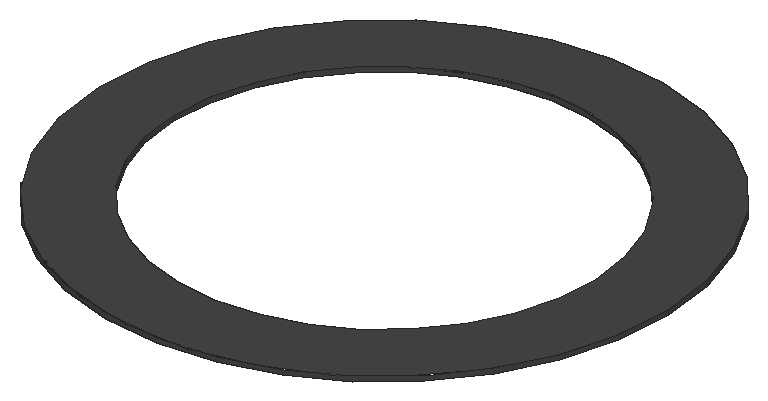
Revit family "LAMP_ARO DECO", category Modelos genéricos, Revit 2015
Parameters (values of type "BLACK")
  Weight = 0.10 kg
  Product datasheet = "https://www.lamp.es/product-files/TECH/DITRRD240B-EN.pdf"
  Product code = "RIRD240B"
  Product URL = "https://www.lamp.es/en/accessory/domo-220-kombic-acc-transp-glass-bk_423644"
  Modelo = Product code  # "RIRD240B"
  Model explanation = "Availability of switching between accessories through visibility parameters when placed in a project."
  Material Aro = LAMP_PC Kombic Aro ng
  Manufacturer name = "LAMP"
  Manufacturer country = "Spain"
  Manufacturer URL = "http://www.lamp.es/en"
  Luminaire type = "Accessory"
  Last update = "22/05/2020"
  Installation instructions = ""
  Grosor aro = 2 mm
  Finish = "RAL 9011"
  Fabricante = Manufacturer name  # "LAMP"
  Diameter = 226 mm
  Descripción = "KOMBIC ACC. DECO RING BL."
  Comentarios de tipo = Model explanation  # "Availability of switching between accessories through visibility parameters when placed in a project."
Types (4, lengths in mm): name | Product datasheet | Product code | Product URL | Modelo | Material Aro | Finish | Descripción
  (no name) | "https://www.lamp.es/product-files/TECH/DITRRD240B-EN.pdf" | "RIRD240B" | "https://www.lamp.es/en/accessory/domo-220-kombic-acc-transp-glass-bk_423644" | "RIRD240B" | LAMP_PC Kombic Aro ng | "RAL 9011" | "KOMBIC ACC. DECO RING BL."
  WHITE | "https://www.lamp.es/product-files/TECH/RIRD240W-EN.pdf" | "RIRD240W\r\nRIRD240W\r\nRIRD240W" | "https://www.lamp.es/en/accessory/domo-220-kombic-acc-deco-ring-wh_423646" | "RIRD240W\r\nRIRD240W\r\nRIRD240W" | LAMP_PC Kombic Aro BL | "Shiny white" | "KOMBIC ACC. DECO RING WH."
  GREY | "https://www.lamp.es/product-files/TECH/RIRD240G-EN.pdf" | "RIRD240G" | "https://www.lamp.es/en/accessory/domo-220-kombic-acc-deco-ring-gr_423648" | "RIRD240G" | LAMP_PC Kombic Aro GR | "Gloss grey" | "KOMBIC ACC. DECO RING GR."
  BLACK | "https://www.lamp.es/product-files/TECH/DITRRD240B-EN.pdf" | "RIRD240B" | "https://www.lamp.es/en/accessory/domo-220-kombic-acc-transp-glass-bk_423644" | "RIRD240B" | LAMP_PC Kombic Aro ng | "RAL 9011" | "KOMBIC ACC. DECO RING BL."
Reference planes
  plane 1 "Centro (Frontal/Posterior)": y = 0
  plane 2: z = 0
  plane 3 "Centro (Izquierda/Derecha)": x = 0
  plane 4: z = 2
Forms (mm)
  Extrusion 1, solid, material "LAMP_PC Kombic Aro ng" <- "Material Aro"
    sketch origin (0, 0, 0) x (1, 0, 0) y (0, 1, 0)
      loop
        circle (0, 0) r 113
      loop
        circle (0, 0) r 83.5
    from 0 to 2
Text (mm)
  text "Any modification of the parameters and properties of the LAMP BIM models must be executed and validated by the LAMP technical department.\n\nPhone: +34 93 736 68 00\n\nE-mail: lamp@lamp.es\n\n\n\nLAMP reserves the right to modify the technical specifications of its products." at (201.404, -28.601, 149.077), in view "Preview"
Dimensions and locks
  "Grosor aro": plane 4 to level
  aligned and locked: level to plane 2
  aligned and locked: plane 4 to Extrusion 1
  aligned and locked: Extrusion 1 to level
  aligned and locked: Extrusion 1 to plane 4
  aligned and locked: level to Extrusion 1
Automatic sketch dimensions
  Extrusion 1 sketch curve to Extrusion 1 sketch curve = 0 mm  (x2)
  plane 1 "Centro (Frontal/Posterior)" to Extrusion 1 sketch curve = 0 mm
  Extrusion 1 sketch curve to plane 3 "Centro (Izquierda/Derecha)" = 0 mm
  radius of Extrusion 1 sketch curve = 113 mm
  radius of Extrusion 1 sketch curve = 83.5 mm
